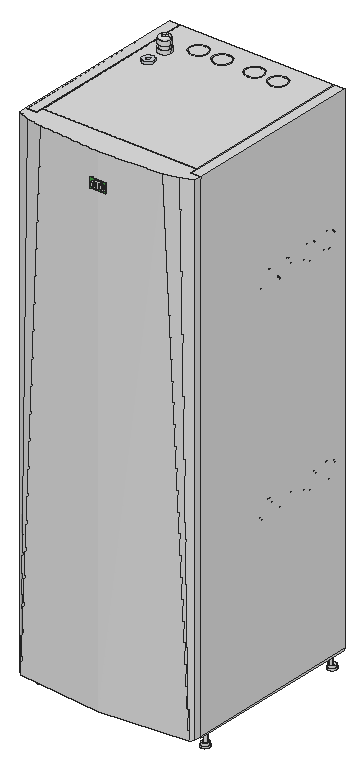
Revit family "HVAC_HeatPumpBW_Enertech_CTC-EcoPart-400_Basic", category Specialty Equipment, Revit 2020
Family settings
  Round Connector Dimension = Use Diameter
  Part Type = Normal
  OmniClass Number = 23.75.00.00
  OmniClass Title = Climate Control (HVAC)
  Work Plane-Based = No
  Always vertical = Yes
  Cut with Voids When Loaded = No
  Shared = No
  Room Calculation Point = No
Parameters (values of type "CTC EcoPart 425 Basic - 230V1N")
  Weight = "334 kg"
  WaterVolumeWaterSuply = "n/a"
  WaterVolumeHeathingSystem = "n/a"
  WarrantyStartDate [instance] = "n/a"
  WarrantyGuarantorParts = "n/a"
  WarrantyGuarantorLabor = "n/a"
  WarrantyDurationUnit = "Year"
  WarrantyDurationParts = "n/a"
  WarrantyDurationLabor = "n/a"
  WarrantyDescription = "n/a"
  VersionDate = "14/05/2024"  # constant formula
  Version = "1"  # constant formula
  UsageCurrent = 0 A
  Uniclass2015Reference = "Pr_40_70_65"
  Uniclass2015Description = "Preparation catering equipment"
  Uniclass2 = "Pr_40_70_65"
  URL = "https://ctc-heating.com/products/ground-source-heating"
  UNSPSCCode = "40101806"
  Type Comments = ""
  Touchscreen = "no"
  TagNumber [instance] = "n/a"
  SustainabilityPerformance = "n/a"
  Status = "n/a"
  SpecifiedOutput = "24.44 kW"
  SoundPowerLWA = "50 dB"
  Sound pressureLPA 5m = "n/a"
  Sound pressureLPA 1m = "45 dB"
  Sound pressureLPA 10m = "n/a"
  Size = "673x596x1760 mm"
  Shape = "Rectangular"
  SerialNumber [instance] = "7310 xxxx xxxx"
  SEERWarm = "n/a"
  SEERModerate = "n/a"
  SEERCold = "n/a"
  SCOPWarm = "4.7"
  SCOPModerate = "4.8"
  SCOPCold = "4.8"
  Revision = "5"  # constant formula
  ReplacementCost = "n/a"
  RefrigerantType = "R407C"
  RefrigerantQuantity = "4.6 kg (2.7+1.9)"
  ReferenceAirFlowRate = "n/a"
  Reference = "n/a"
  RatedVoltage = 230 V
  RatedHeatOutputModerate = "26 kW"
  RatedCurrent = 24 A
  PumpMainMaterial = Steel - White
  ProductInformation = "CTC EcoPart Pro/Basic is a series of large geothermal heat pumps without hotwater preparation. Using separate cooling modules, CTC EcoPart Pro/Basic is able to increase output in three stages. This provides gentler operation and better adaptation to the building's various output requirements. \nCTC EcoPart Pro/Basic is available in three sizes: 25, 30 and 35 kW which can be connected in series to produce up to 170 kW (1 x CTC EcoPart Pro + 4 x CTC EcoPart Basic). "
  PowerFactor = 0 W
  PhaseReference = "n/a"
  PhaseAngle = 0.00°
  OutputRangeIimmersionHeater = "n/a"
  OutputRange = "n/a"
  NumberOfPoles = 1
  NominalWidth = 596 mm
  NominalVoltage = 230 V
  NominalHeight = 1760 mm
  NominalHeatingOutput = "26/24"
  NominalFrequencyRange = 50 Hz
  NominalDepth = 673 mm
  NominalCurrent = 0 A
  Name = "CTC-EcoPart-400_Basic"  # constant formula
  NBSReference = "90-40-40/320"
  NBSDescription = "Air to water heat pumps"
  ModelReference = "n/a"
  ModelNumber = "587001011"
  MaxStartingCurrent = "60.0 A (30.0 + 30.0)"
  MaxOperatingPressureThermalStore = "3 bar"
  MaxOperatingPressureHotWater = "n/a"
  MaxAirFlowRate = "n/a"
  Material = "Steel/copper"
  ManufacturerURL = "https://ctc.se/"
  ManufacturerName = "CTC"
  Model = "CTC EcoPart 425 Basic"
  ManufacturerCountry = "Sweden"
  Manufacturer = "CTC"
  InsulationStandardClass = "n/a"
  InstallationDate [instance] = "n/a"
  InPutPower = "5.36 kW"
  IfcExportType = "HEATER"  # constant formula
  IfcExportAs = "IfcElectricalDeviceCommon"  # constant formula
  IP_Code = "IP X1"
  HotTapWaterPerformance = "n/a"
  HasProtectiveEarth = yes
  GroupFuse = "25 A"
  Grade = "n/a"
  Finish = "n/a"
  Features = "n/a"
  ExpectedLife = "n/a"
  EnergyEfficiencyClassForHeatingSystem = "A++/A++"
  EnergyEfficiencyClass = "A+++/A++"
  EnergyClass_HotWater_TapProfile = "n/a"
  EnergyClassHeatingWithoutControl = "A++"
  EnergyClassHeatingWithControl = "A+++"
  EANNumber = "7333077000653"
  DurationUnit = "Year"
  Description = "CTC EcoPart Pro/Basic is a series of large geothermal heat pumps without hotwater preparation. Using separate cooling modules, CTC EcoPart Pro/Basic is able to increase output in three stages. This provides gentler operation and better adaptation to the building's various output requirements. \nCTC EcoPart Pro/Basic is available in three sizes: 25, 30 and 35 kW which can be connected in series to produce up to 170 kW (1 x CTC EcoPart Pro + 4 x CTC EcoPart Basic). "
  Default Elevation = 0 mm
  Cost = 0
  CoolingModule_Bottom_Top = "414/410"
  Constituents = "n/a"
  ConductorFunction = "n/a"
  Color = "white"
  CodePerformance = "n/a"
  Capacity = "Fixed"
  COPTop = "4.60/3.68/2.98"
  COPBottom = "4.54/3.64/2.95"
  COP = "4.56"
  CO2Equivalent = "8.160 tonnes"
  BrineSystem_Min_MaxPressure = "0.2 - 3.0 bar"
  Barcode [instance] = "n/a"
  AssetIdentifier [instance] = "n/a"
  Category = "Heat pumps, Geothermal"
  Brand = "CTC"
  BIMObjectName = "HVAC_HeatPumpBW_Enertech_CTC-EcoPart-400_Basic"  # constant formula
  Author = "BIMStone"  # constant formula
  AssetType = "Fixed"
  AirFlow = "n/a"
  Accessories = ""
  AccessibilityPerformance = "n/a"
Reference planes
  plane 1 "Center (Front/Back)": y = 0
  plane 2: z = 0
  plane 3 "Center (Left/Right)": x = 0
  plane 4: x = -298
  plane 5: x = 298
  plane 6: y = 336.5
  plane 7: y = -336.5
  plane 8: z = 1760
Forms (mm)
  Extrusion 1, solid, material "Steel - White" <- "PumpMainMaterial", detail levels medium+fine
    sketch origin (0, 0, 0) x (1, 0, 0) y (0, 1, 0)
      loop
        line (-263, -247.014) -> (263, -247.014) -> (263, 336.5) -> (-263, 336.5) -> (-263, -247.014)
      loop
        line (261, 334.5) -> (-261, 334.5) -> (-261, -245.014) -> (261, -245.014) -> (261, 334.5)
    from 1757 to 52.5
  Extrusion 2, solid, material "Steel - White" <- "PumpMainMaterial", detail levels medium+fine
    sketch origin (0, 0, 0) x (1, 0, 0) y (0, 1, 0)
      loop
        line (-263, 336.5) -> (-263, -247.014) -> (263, -247.014) -> (263, 336.5) -> (-263, 336.5)
    from 1760 to 1757
  Extrusion 3, solid, material "Steel - White" <- "PumpMainMaterial", detail levels medium+fine
    sketch origin (0, 0, 0) x (1, 0, 0) y (0, 1, 0)
      loop
        line (-298, -273.014) -> (-263, -273.014) -> (-263, 336.5) -> (-298, 336.5) -> (-298, -273.014)
      loop
        line (-265, 334.5) -> (-296, 334.5) -> (-296, -271.014) -> (-265, -271.014) -> (-265, 334.5)
      loop
        line (298, -273.014) -> (298, 336.5) -> (263, 336.5) -> (263, -273.014) -> (298, -273.014)
      loop
        line (265, 334.5) -> (265, -271.014) -> (296, -271.014) -> (296, 334.5) -> (265, 334.5)
    from 52.5 to 1757
  Extrusion 4, solid, material "Steel - White" <- "PumpMainMaterial", detail levels medium+fine
    sketch origin (0, 0, 0) x (1, 0, 0) y (0, 1, 0)
      loop
        line (-298, -273.014) -> (-263, -273.014) -> (-263, 336.5) -> (-298, 336.5) -> (-298, -273.014)
      loop
        line (298, -273.014) -> (298, 336.5) -> (263, 336.5) -> (263, -273.014) -> (298, -273.014)
    from 1757 to 1760
  Extrusion 5, solid, material "Steel - White" <- "PumpMainMaterial", detail levels medium+fine
    sketch origin (0, 0, 0) x (1, 0, 0) y (0, 0, 1)
      loop
        line (-298, 52.518) -> (-298, 47.518) -> (-263, 47.518) -> (-263, 28) -> (263, 28) -> (263, 47.518) -> (298, 47.518) -> (298, 52.518) -> (-298, 52.518)
    from -336 to 272.514
  Extrusion 6, void
    sketch origin (0, 0, 0) x (1, 0, 0) y (0, 1, 0)
      loop
        arc (-135.992, 288.017) -> (-156.547, 279.105) -> (-165.459, 258.55) r 30.484
        line (-165.459, 258.55) -> (-163.458, 258.55)
        arc (-163.458, 258.55) -> (-155.133, 277.691) -> (-135.992, 286.016) r 28.484
        line (-135.992, 286.016) -> (-135.992, 288.017)
      loop
        line (-133.992, 288.017) -> (-133.992, 286.016)
        arc (-133.992, 286.016) -> (-114.851, 277.691) -> (-106.526, 258.55) r 28.484
        line (-106.526, 258.55) -> (-104.525, 258.55)
        arc (-104.525, 258.55) -> (-113.437, 279.105) -> (-133.992, 288.017) r 30.484
      loop
        arc (-165.459, 256.55) -> (-156.547, 235.995) -> (-135.992, 227.083) r 30.484
        line (-135.992, 227.083) -> (-135.992, 229.084)
        arc (-135.992, 229.084) -> (-155.133, 237.409) -> (-163.458, 256.55) r 28.484
        line (-163.458, 256.55) -> (-165.459, 256.55)
      loop
        line (-133.992, 229.084) -> (-133.992, 227.083)
        arc (-133.992, 227.083) -> (-113.437, 235.995) -> (-104.525, 256.55) r 30.484
        line (-104.525, 256.55) -> (-106.526, 256.55)
        arc (-106.526, 256.55) -> (-114.851, 237.409) -> (-133.992, 229.084) r 28.484
      loop
        arc (-55.992, 288.017) -> (-76.547, 279.105) -> (-85.459, 258.55) r 30.484
        line (-85.459, 258.55) -> (-83.458, 258.55)
        arc (-83.458, 258.55) -> (-75.133, 277.691) -> (-55.992, 286.016) r 28.484
        line (-55.992, 286.016) -> (-55.992, 288.017)
      loop
        line (-53.992, 288.017) -> (-53.992, 286.016)
        arc (-53.992, 286.016) -> (-34.851, 277.691) -> (-26.526, 258.55) r 28.484
        line (-26.526, 258.55) -> (-24.525, 258.55)
        arc (-24.525, 258.55) -> (-33.437, 279.105) -> (-53.992, 288.017) r 30.484
      loop
        arc (-85.459, 256.55) -> (-76.547, 235.995) -> (-55.992, 227.083) r 30.484
        line (-55.992, 227.083) -> (-55.992, 229.084)
        arc (-55.992, 229.084) -> (-75.133, 237.409) -> (-83.458, 256.55) r 28.484
        line (-83.458, 256.55) -> (-85.459, 256.55)
      loop
        line (-53.992, 229.084) -> (-53.992, 227.083)
        arc (-53.992, 227.083) -> (-33.437, 235.995) -> (-24.525, 256.55) r 30.484
        line (-24.525, 256.55) -> (-26.526, 256.55)
        arc (-26.526, 256.55) -> (-34.851, 237.409) -> (-53.992, 229.084) r 28.484
      loop
        line (135.992, 288.017) -> (135.992, 286.016)
        arc (135.992, 286.016) -> (155.133, 277.691) -> (163.458, 258.55) r 28.484
        line (163.458, 258.55) -> (165.459, 258.55)
        arc (165.459, 258.55) -> (156.547, 279.105) -> (135.992, 288.017) r 30.484
      loop
        arc (133.992, 288.017) -> (113.437, 279.105) -> (104.525, 258.55) r 30.484
        line (104.525, 258.55) -> (106.526, 258.55)
        arc (106.526, 258.55) -> (114.851, 277.691) -> (133.992, 286.016) r 28.484
        line (133.992, 286.016) -> (133.992, 288.017)
      loop
        line (165.459, 256.55) -> (163.458, 256.55)
        arc (163.458, 256.55) -> (155.133, 237.409) -> (135.992, 229.084) r 28.484
        line (135.992, 229.084) -> (135.992, 227.083)
        arc (135.992, 227.083) -> (156.547, 235.995) -> (165.459, 256.55) r 30.484
      loop
        arc (133.992, 229.084) -> (114.851, 237.409) -> (106.526, 256.55) r 28.484
        line (106.526, 256.55) -> (104.525, 256.55)
        arc (104.525, 256.55) -> (113.437, 235.995) -> (133.992, 227.083) r 30.484
        line (133.992, 227.083) -> (133.992, 229.084)
      loop
        line (55.992, 288.017) -> (55.992, 286.016)
        arc (55.992, 286.016) -> (75.133, 277.691) -> (83.458, 258.55) r 28.484
        line (83.458, 258.55) -> (85.459, 258.55)
        arc (85.459, 258.55) -> (76.547, 279.105) -> (55.992, 288.017) r 30.484
      loop
        arc (53.992, 288.017) -> (33.437, 279.105) -> (24.525, 258.55) r 30.484
        line (24.525, 258.55) -> (26.526, 258.55)
        arc (26.526, 258.55) -> (34.851, 277.691) -> (53.992, 286.016) r 28.484
        line (53.992, 286.016) -> (53.992, 288.017)
      loop
        line (85.459, 256.55) -> (83.458, 256.55)
        arc (83.458, 256.55) -> (75.133, 237.409) -> (55.992, 229.084) r 28.484
        line (55.992, 229.084) -> (55.992, 227.083)
        arc (55.992, 227.083) -> (76.547, 235.995) -> (85.459, 256.55) r 30.484
      loop
        arc (53.992, 229.084) -> (34.851, 237.409) -> (26.526, 256.55) r 28.484
        line (26.526, 256.55) -> (24.525, 256.55)
        arc (24.525, 256.55) -> (33.437, 235.995) -> (53.992, 227.083) r 30.484
        line (53.992, 227.083) -> (53.992, 229.084)
    from 1692.47 to 1786.05
  Extrusion 7, void
    sketch origin (0, 0, 0) x (0, 1, 0) y (0, 0, 1)
      loop
        line (266.984, 1360.467) -> (266.984, 1358.466)
        arc (266.984, 1358.466) -> (286.125, 1350.141) -> (294.45, 1331) r 28.484
        line (294.45, 1331) -> (296.451, 1331)
        arc (296.451, 1331) -> (287.539, 1351.555) -> (266.984, 1360.467) r 30.484
      loop
        arc (264.984, 1360.467) -> (244.428, 1351.555) -> (235.516, 1331) r 30.484
        line (235.516, 1331) -> (237.518, 1331)
        arc (237.518, 1331) -> (245.843, 1350.141) -> (264.984, 1358.466) r 28.484
        line (264.984, 1358.466) -> (264.984, 1360.467)
      loop
        line (296.451, 1329) -> (294.45, 1329)
        arc (294.45, 1329) -> (286.125, 1309.859) -> (266.984, 1301.534) r 28.484
        line (266.984, 1301.534) -> (266.984, 1299.533)
        arc (266.984, 1299.533) -> (287.539, 1308.445) -> (296.451, 1329) r 30.484
      loop
        arc (264.984, 1301.534) -> (245.843, 1309.859) -> (237.518, 1329) r 28.484
        line (237.518, 1329) -> (235.516, 1329)
        arc (235.516, 1329) -> (244.428, 1308.445) -> (264.984, 1299.533) r 30.484
        line (264.984, 1299.533) -> (264.984, 1301.534)
      loop
        line (186.984, 1360.467) -> (186.984, 1358.466)
        arc (186.984, 1358.466) -> (206.125, 1350.141) -> (214.45, 1331) r 28.484
        line (214.45, 1331) -> (216.451, 1331)
        arc (216.451, 1331) -> (207.539, 1351.555) -> (186.984, 1360.467) r 30.484
      loop
        arc (184.984, 1360.467) -> (164.428, 1351.555) -> (155.516, 1331) r 30.484
        line (155.516, 1331) -> (157.518, 1331)
        arc (157.518, 1331) -> (165.843, 1350.141) -> (184.984, 1358.466) r 28.484
        line (184.984, 1358.466) -> (184.984, 1360.467)
      loop
        line (216.451, 1329) -> (214.45, 1329)
        arc (214.45, 1329) -> (206.125, 1309.859) -> (186.984, 1301.534) r 28.484
        line (186.984, 1301.534) -> (186.984, 1299.533)
        arc (186.984, 1299.533) -> (207.539, 1308.445) -> (216.451, 1329) r 30.484
      loop
        arc (184.984, 1301.534) -> (165.843, 1309.859) -> (157.518, 1329) r 28.484
        line (157.518, 1329) -> (155.516, 1329)
        arc (155.516, 1329) -> (164.428, 1308.445) -> (184.984, 1299.533) r 30.484
        line (184.984, 1299.533) -> (184.984, 1301.534)
      loop
        arc (-5, 1360.467) -> (-25.555, 1351.555) -> (-34.467, 1331) r 30.484
        line (-34.467, 1331) -> (-32.466, 1331)
        arc (-32.466, 1331) -> (-24.141, 1350.141) -> (-5, 1358.466) r 28.484
        line (-5, 1358.466) -> (-5, 1360.467)
      loop
        line (-3, 1360.467) -> (-3, 1358.466)
        arc (-3, 1358.466) -> (16.141, 1350.141) -> (24.466, 1331) r 28.484
        line (24.466, 1331) -> (26.467, 1331)
        arc (26.467, 1331) -> (17.555, 1351.555) -> (-3, 1360.467) r 30.484
      loop
        arc (-34.467, 1329) -> (-25.555, 1308.445) -> (-5, 1299.533) r 30.484
        line (-5, 1299.533) -> (-5, 1301.534)
        arc (-5, 1301.534) -> (-24.141, 1309.859) -> (-32.466, 1329) r 28.484
        line (-32.466, 1329) -> (-34.467, 1329)
      loop
        line (-3, 1301.534) -> (-3, 1299.533)
        arc (-3, 1299.533) -> (17.555, 1308.445) -> (26.467, 1329) r 30.484
        line (26.467, 1329) -> (24.466, 1329)
        arc (24.466, 1329) -> (16.141, 1309.859) -> (-3, 1301.534) r 28.484
      loop
        arc (75, 1360.467) -> (54.445, 1351.555) -> (45.533, 1331) r 30.484
        line (45.533, 1331) -> (47.534, 1331)
        arc (47.534, 1331) -> (55.859, 1350.141) -> (75, 1358.466) r 28.484
        line (75, 1358.466) -> (75, 1360.467)
      loop
        line (77, 1360.467) -> (77, 1358.466)
        arc (77, 1358.466) -> (96.141, 1350.141) -> (104.466, 1331) r 28.484
        line (104.466, 1331) -> (106.467, 1331)
        arc (106.467, 1331) -> (97.555, 1351.555) -> (77, 1360.467) r 30.484
      loop
        arc (45.533, 1329) -> (54.445, 1308.445) -> (75, 1299.533) r 30.484
        line (75, 1299.533) -> (75, 1301.534)
        arc (75, 1301.534) -> (55.859, 1309.859) -> (47.534, 1329) r 28.484
        line (47.534, 1329) -> (45.533, 1329)
      loop
        line (77, 1301.534) -> (77, 1299.533)
        arc (77, 1299.533) -> (97.555, 1308.445) -> (106.467, 1329) r 30.484
        line (106.467, 1329) -> (104.466, 1329)
        arc (104.466, 1329) -> (96.141, 1309.859) -> (77, 1301.534) r 28.484
      loop
        line (266.984, 660.467) -> (266.984, 658.466)
        arc (266.984, 658.466) -> (286.125, 650.141) -> (294.45, 631) r 28.484
        line (294.45, 631) -> (296.451, 631)
        arc (296.451, 631) -> (287.539, 651.555) -> (266.984, 660.467) r 30.484
      loop
        arc (264.984, 660.467) -> (244.428, 651.555) -> (235.516, 631) r 30.484
        line (235.516, 631) -> (237.518, 631)
        arc (237.518, 631) -> (245.843, 650.141) -> (264.984, 658.466) r 28.484
        line (264.984, 658.466) -> (264.984, 660.467)
      loop
        line (296.451, 629) -> (294.45, 629)
        arc (294.45, 629) -> (286.125, 609.859) -> (266.984, 601.534) r 28.484
        line (266.984, 601.534) -> (266.984, 599.533)
        arc (266.984, 599.533) -> (287.539, 608.445) -> (296.451, 629) r 30.484
      loop
        arc (264.984, 601.534) -> (245.843, 609.859) -> (237.518, 629) r 28.484
        line (237.518, 629) -> (235.516, 629)
        arc (235.516, 629) -> (244.428, 608.445) -> (264.984, 599.533) r 30.484
        line (264.984, 599.533) -> (264.984, 601.534)
      loop
        line (186.984, 660.467) -> (186.984, 658.466)
        arc (186.984, 658.466) -> (206.125, 650.141) -> (214.45, 631) r 28.484
        line (214.45, 631) -> (216.451, 631)
        arc (216.451, 631) -> (207.539, 651.555) -> (186.984, 660.467) r 30.484
      loop
        arc (184.984, 660.467) -> (164.428, 651.555) -> (155.516, 631) r 30.484
        line (155.516, 631) -> (157.518, 631)
        arc (157.518, 631) -> (165.843, 650.141) -> (184.984, 658.466) r 28.484
        line (184.984, 658.466) -> (184.984, 660.467)
      loop
        line (216.451, 629) -> (214.45, 629)
        arc (214.45, 629) -> (206.125, 609.859) -> (186.984, 601.534) r 28.484
        line (186.984, 601.534) -> (186.984, 599.533)
        arc (186.984, 599.533) -> (207.539, 608.445) -> (216.451, 629) r 30.484
      loop
        arc (184.984, 601.534) -> (165.843, 609.859) -> (157.518, 629) r 28.484
        line (157.518, 629) -> (155.516, 629)
        arc (155.516, 629) -> (164.428, 608.445) -> (184.984, 599.533) r 30.484
        line (184.984, 599.533) -> (184.984, 601.534)
      loop
        arc (-5, 660.467) -> (-25.555, 651.555) -> (-34.467, 631) r 30.484
        line (-34.467, 631) -> (-32.466, 631)
        arc (-32.466, 631) -> (-24.141, 650.141) -> (-5, 658.466) r 28.484
        line (-5, 658.466) -> (-5, 660.467)
      loop
        line (-3, 660.467) -> (-3, 658.466)
        arc (-3, 658.466) -> (16.141, 650.141) -> (24.466, 631) r 28.484
        line (24.466, 631) -> (26.467, 631)
        arc (26.467, 631) -> (17.555, 651.555) -> (-3, 660.467) r 30.484
      loop
        arc (-34.467, 629) -> (-25.555, 608.445) -> (-5, 599.533) r 30.484
        line (-5, 599.533) -> (-5, 601.534)
        arc (-5, 601.534) -> (-24.141, 609.859) -> (-32.466, 629) r 28.484
        line (-32.466, 629) -> (-34.467, 629)
      loop
        line (-3, 601.534) -> (-3, 599.533)
        arc (-3, 599.533) -> (17.555, 608.445) -> (26.467, 629) r 30.484
        line (26.467, 629) -> (24.466, 629)
        arc (24.466, 629) -> (16.141, 609.859) -> (-3, 601.534) r 28.484
      loop
        arc (75, 660.467) -> (54.445, 651.555) -> (45.533, 631) r 30.484
        line (45.533, 631) -> (47.534, 631)
        arc (47.534, 631) -> (55.859, 650.141) -> (75, 658.466) r 28.484
        line (75, 658.466) -> (75, 660.467)
      loop
        line (77, 660.467) -> (77, 658.466)
        arc (77, 658.466) -> (96.141, 650.141) -> (104.466, 631) r 28.484
        line (104.466, 631) -> (106.467, 631)
        arc (106.467, 631) -> (97.555, 651.555) -> (77, 660.467) r 30.484
      loop
        arc (45.533, 629) -> (54.445, 608.445) -> (75, 599.533) r 30.484
        line (75, 599.533) -> (75, 601.534)
        arc (75, 601.534) -> (55.859, 609.859) -> (47.534, 629) r 28.484
        line (47.534, 629) -> (45.533, 629)
      loop
        line (77, 601.534) -> (77, 599.533)
        arc (77, 599.533) -> (97.555, 608.445) -> (106.467, 629) r 30.484
        line (106.467, 629) -> (104.466, 629)
        arc (104.466, 629) -> (96.141, 609.859) -> (77, 601.534) r 28.484
    from 298 to -298
  Extrusion 8, void
    sketch origin (0, 0, 0) x (1, 0, 0) y (0, 0, 1)
      loop
        line (135.984, 1360.467) -> (135.984, 1358.466)
        arc (135.984, 1358.466) -> (155.125, 1350.141) -> (163.45, 1331) r 28.484
        line (163.45, 1331) -> (165.451, 1331)
        arc (165.451, 1331) -> (156.539, 1351.555) -> (135.984, 1360.467) r 30.484
      loop
        arc (133.984, 1360.467) -> (113.428, 1351.555) -> (104.516, 1331) r 30.484
        line (104.516, 1331) -> (106.518, 1331)
        arc (106.518, 1331) -> (114.843, 1350.141) -> (133.984, 1358.466) r 28.484
        line (133.984, 1358.466) -> (133.984, 1360.467)
      loop
        line (165.451, 1329) -> (163.45, 1329)
        arc (163.45, 1329) -> (155.125, 1309.859) -> (135.984, 1301.534) r 28.484
        line (135.984, 1301.534) -> (135.984, 1299.533)
        arc (135.984, 1299.533) -> (156.539, 1308.445) -> (165.451, 1329) r 30.484
      loop
        arc (133.984, 1301.534) -> (114.843, 1309.859) -> (106.518, 1329) r 28.484
        line (106.518, 1329) -> (104.516, 1329)
        arc (104.516, 1329) -> (113.428, 1308.445) -> (133.984, 1299.533) r 30.484
        line (133.984, 1299.533) -> (133.984, 1301.534)
      loop
        line (55.984, 1360.467) -> (55.984, 1358.466)
        arc (55.984, 1358.466) -> (75.125, 1350.141) -> (83.45, 1331) r 28.484
        line (83.45, 1331) -> (85.451, 1331)
        arc (85.451, 1331) -> (76.539, 1351.555) -> (55.984, 1360.467) r 30.484
      loop
        arc (53.984, 1360.467) -> (33.428, 1351.555) -> (24.516, 1331) r 30.484
        line (24.516, 1331) -> (26.518, 1331)
        arc (26.518, 1331) -> (34.843, 1350.141) -> (53.984, 1358.466) r 28.484
        line (53.984, 1358.466) -> (53.984, 1360.467)
      loop
        line (85.451, 1329) -> (83.45, 1329)
        arc (83.45, 1329) -> (75.125, 1309.859) -> (55.984, 1301.534) r 28.484
        line (55.984, 1301.534) -> (55.984, 1299.533)
        arc (55.984, 1299.533) -> (76.539, 1308.445) -> (85.451, 1329) r 30.484
      loop
        arc (53.984, 1301.534) -> (34.843, 1309.859) -> (26.518, 1329) r 28.484
        line (26.518, 1329) -> (24.516, 1329)
        arc (24.516, 1329) -> (33.428, 1308.445) -> (53.984, 1299.533) r 30.484
        line (53.984, 1299.533) -> (53.984, 1301.534)
      loop
        arc (-136, 1360.467) -> (-156.555, 1351.555) -> (-165.467, 1331) r 30.484
        line (-165.467, 1331) -> (-163.466, 1331)
        arc (-163.466, 1331) -> (-155.141, 1350.141) -> (-136, 1358.466) r 28.484
        line (-136, 1358.466) -> (-136, 1360.467)
      loop
        line (-134, 1360.467) -> (-134, 1358.466)
        arc (-134, 1358.466) -> (-114.859, 1350.141) -> (-106.534, 1331) r 28.484
        line (-106.534, 1331) -> (-104.533, 1331)
        arc (-104.533, 1331) -> (-113.445, 1351.555) -> (-134, 1360.467) r 30.484
      loop
        arc (-165.467, 1329) -> (-156.555, 1308.445) -> (-136, 1299.533) r 30.484
        line (-136, 1299.533) -> (-136, 1301.534)
        arc (-136, 1301.534) -> (-155.141, 1309.859) -> (-163.466, 1329) r 28.484
        line (-163.466, 1329) -> (-165.467, 1329)
      loop
        line (-134, 1301.534) -> (-134, 1299.533)
        arc (-134, 1299.533) -> (-113.445, 1308.445) -> (-104.533, 1329) r 30.484
        line (-104.533, 1329) -> (-106.534, 1329)
        arc (-106.534, 1329) -> (-114.859, 1309.859) -> (-134, 1301.534) r 28.484
      loop
        arc (-56, 1360.467) -> (-76.555, 1351.555) -> (-85.467, 1331) r 30.484
        line (-85.467, 1331) -> (-83.466, 1331)
        arc (-83.466, 1331) -> (-75.141, 1350.141) -> (-56, 1358.466) r 28.484
        line (-56, 1358.466) -> (-56, 1360.467)
      loop
        line (-54, 1360.467) -> (-54, 1358.466)
        arc (-54, 1358.466) -> (-34.859, 1350.141) -> (-26.534, 1331) r 28.484
        line (-26.534, 1331) -> (-24.533, 1331)
        arc (-24.533, 1331) -> (-33.445, 1351.555) -> (-54, 1360.467) r 30.484
      loop
        arc (-85.467, 1329) -> (-76.555, 1308.445) -> (-56, 1299.533) r 30.484
        line (-56, 1299.533) -> (-56, 1301.534)
        arc (-56, 1301.534) -> (-75.141, 1309.859) -> (-83.466, 1329) r 28.484
        line (-83.466, 1329) -> (-85.467, 1329)
      loop
        line (-54, 1301.534) -> (-54, 1299.533)
        arc (-54, 1299.533) -> (-33.445, 1308.445) -> (-24.533, 1329) r 30.484
        line (-24.533, 1329) -> (-26.534, 1329)
        arc (-26.534, 1329) -> (-34.859, 1309.859) -> (-54, 1301.534) r 28.484
      loop
        line (135.984, 660.467) -> (135.984, 658.466)
        arc (135.984, 658.466) -> (155.125, 650.141) -> (163.45, 631) r 28.484
        line (163.45, 631) -> (165.451, 631)
        arc (165.451, 631) -> (156.539, 651.555) -> (135.984, 660.467) r 30.484
      loop
        arc (133.984, 660.467) -> (113.428, 651.555) -> (104.516, 631) r 30.484
        line (104.516, 631) -> (106.518, 631)
        arc (106.518, 631) -> (114.843, 650.141) -> (133.984, 658.466) r 28.484
        line (133.984, 658.466) -> (133.984, 660.467)
      loop
        line (165.451, 629) -> (163.45, 629)
        arc (163.45, 629) -> (155.125, 609.859) -> (135.984, 601.534) r 28.484
        line (135.984, 601.534) -> (135.984, 599.533)
        arc (135.984, 599.533) -> (156.539, 608.445) -> (165.451, 629) r 30.484
      loop
        arc (133.984, 601.534) -> (114.843, 609.859) -> (106.518, 629) r 28.484
        line (106.518, 629) -> (104.516, 629)
        arc (104.516, 629) -> (113.428, 608.445) -> (133.984, 599.533) r 30.484
        line (133.984, 599.533) -> (133.984, 601.534)
      loop
        line (55.984, 660.467) -> (55.984, 658.466)
        arc (55.984, 658.466) -> (75.125, 650.141) -> (83.45, 631) r 28.484
        line (83.45, 631) -> (85.451, 631)
        arc (85.451, 631) -> (76.539, 651.555) -> (55.984, 660.467) r 30.484
      loop
        arc (53.984, 660.467) -> (33.428, 651.555) -> (24.516, 631) r 30.484
        line (24.516, 631) -> (26.518, 631)
        arc (26.518, 631) -> (34.843, 650.141) -> (53.984, 658.466) r 28.484
        line (53.984, 658.466) -> (53.984, 660.467)
      loop
        line (85.451, 629) -> (83.45, 629)
        arc (83.45, 629) -> (75.125, 609.859) -> (55.984, 601.534) r 28.484
        line (55.984, 601.534) -> (55.984, 599.533)
        arc (55.984, 599.533) -> (76.539, 608.445) -> (85.451, 629) r 30.484
      loop
        arc (53.984, 601.534) -> (34.843, 609.859) -> (26.518, 629) r 28.484
        line (26.518, 629) -> (24.516, 629)
        arc (24.516, 629) -> (33.428, 608.445) -> (53.984, 599.533) r 30.484
        line (53.984, 599.533) -> (53.984, 601.534)
      loop
        arc (-136, 660.467) -> (-156.555, 651.555) -> (-165.467, 631) r 30.484
        line (-165.467, 631) -> (-163.466, 631)
        arc (-163.466, 631) -> (-155.141, 650.141) -> (-136, 658.466) r 28.484
        line (-136, 658.466) -> (-136, 660.467)
      loop
        line (-134, 660.467) -> (-134, 658.466)
        arc (-134, 658.466) -> (-114.859, 650.141) -> (-106.534, 631) r 28.484
        line (-106.534, 631) -> (-104.533, 631)
        arc (-104.533, 631) -> (-113.445, 651.555) -> (-134, 660.467) r 30.484
      loop
        arc (-165.467, 629) -> (-156.555, 608.445) -> (-136, 599.533) r 30.484
        line (-136, 599.533) -> (-136, 601.534)
        arc (-136, 601.534) -> (-155.141, 609.859) -> (-163.466, 629) r 28.484
        line (-163.466, 629) -> (-165.467, 629)
      loop
        line (-134, 601.534) -> (-134, 599.533)
        arc (-134, 599.533) -> (-113.445, 608.445) -> (-104.533, 629) r 30.484
        line (-104.533, 629) -> (-106.534, 629)
        arc (-106.534, 629) -> (-114.859, 609.859) -> (-134, 601.534) r 28.484
      loop
        arc (-56, 660.467) -> (-76.555, 651.555) -> (-85.467, 631) r 30.484
        line (-85.467, 631) -> (-83.466, 631)
        arc (-83.466, 631) -> (-75.141, 650.141) -> (-56, 658.466) r 28.484
        line (-56, 658.466) -> (-56, 660.467)
      loop
        line (-54, 660.467) -> (-54, 658.466)
        arc (-54, 658.466) -> (-34.859, 650.141) -> (-26.534, 631) r 28.484
        line (-26.534, 631) -> (-24.533, 631)
        arc (-24.533, 631) -> (-33.445, 651.555) -> (-54, 660.467) r 30.484
      loop
        arc (-85.467, 629) -> (-76.555, 608.445) -> (-56, 599.533) r 30.484
        line (-56, 599.533) -> (-56, 601.534)
        arc (-56, 601.534) -> (-75.141, 609.859) -> (-83.466, 629) r 28.484
        line (-83.466, 629) -> (-85.467, 629)
      loop
        line (-54, 601.534) -> (-54, 599.533)
        arc (-54, 599.533) -> (-33.445, 608.445) -> (-24.533, 629) r 30.484
        line (-24.533, 629) -> (-26.534, 629)
        arc (-26.534, 629) -> (-34.859, 609.859) -> (-54, 601.534) r 28.484
    from -303.059 to -367.702
  Extrusion 9, solid, detail levels medium+fine
    sketch origin (0, 0, 0) x (1, 0, 0) y (0, 0, 1)
      loop
        circle (224.507, 1674.571) r 14
      loop
        circle (224.507, 1674.571) r 12.4
      loop
        circle (224.507, 1624.571) r 14
      loop
        circle (224.507, 1624.571) r 12.4
      loop
        circle (224.507, 1574.571) r 14
      loop
        circle (224.507, 1574.571) r 12.4
      loop
        circle (-224.507, 1674.571) r 14
      loop
        circle (-224.507, 1674.571) r 12.4
      loop
        circle (-224.507, 1624.571) r 14
      loop
        circle (-224.507, 1624.571) r 12.4
      loop
        circle (-224.507, 1574.571) r 14
      loop
        circle (-224.507, 1574.571) r 12.4
    from -341 to -340
  Extrusion 10, solid, material "Steel - White" <- "PumpMainMaterial", detail levels medium+fine
    sketch origin (0, 0, 0) x (0, 1, 0) y (0, 0, 1)
      loop
        line (-117.429, 26) -> (-99.086, 26)
        arc (-99.086, 26) -> (-98.32, 25.848) -> (-97.671, 25.414) r 2
        line (-97.671, 25.414) -> (-89.085, 16.828)
        arc (-89.085, 16.828) -> (-86.256, 15.656) -> (-83.428, 16.828) r 4
        line (-83.428, 16.828) -> (-75.261, 24.995) -> (-76.675, 26.409) -> (-84.842, 18.242)
        arc (-84.842, 18.242) -> (-86.256, 17.656) -> (-87.671, 18.242) r 2
        line (-87.671, 18.242) -> (-96.257, 26.828)
        arc (-96.257, 26.828) -> (-97.555, 27.696) -> (-99.086, 28) r 4
        line (-99.086, 28) -> (-117.429, 28)
        arc (-117.429, 28) -> (-118.96, 27.696) -> (-120.257, 26.828) r 4
        line (-120.257, 26.828) -> (-128.844, 18.242)
        arc (-128.844, 18.242) -> (-130.258, 17.656) -> (-131.672, 18.242) r 2
        line (-131.672, 18.242) -> (-139.839, 26.409) -> (-141.253, 24.995) -> (-133.086, 16.828)
        arc (-133.086, 16.828) -> (-130.258, 15.656) -> (-127.429, 16.828) r 4
        line (-127.429, 16.828) -> (-118.843, 25.414)
        arc (-118.843, 25.414) -> (-118.194, 25.848) -> (-117.429, 26) r 2
      loop
        arc (180.914, 26) -> (181.68, 25.848) -> (182.329, 25.414) r 2
        line (182.329, 25.414) -> (190.915, 16.828)
        arc (190.915, 16.828) -> (193.744, 15.656) -> (196.572, 16.828) r 4
        line (196.572, 16.828) -> (204.739, 24.995) -> (203.325, 26.409) -> (195.158, 18.242)
        arc (195.158, 18.242) -> (193.744, 17.656) -> (192.329, 18.242) r 2
        line (192.329, 18.242) -> (183.743, 26.828)
        arc (183.743, 26.828) -> (182.445, 27.696) -> (180.914, 28) r 4
        line (180.914, 28) -> (162.571, 28)
        arc (162.571, 28) -> (161.04, 27.696) -> (159.743, 26.828) r 4
        line (159.743, 26.828) -> (151.156, 18.242)
        arc (151.156, 18.242) -> (149.742, 17.656) -> (148.328, 18.242) r 2
        line (148.328, 18.242) -> (140.161, 26.409) -> (138.747, 24.995) -> (146.914, 16.828)
        arc (146.914, 16.828) -> (149.742, 15.656) -> (152.571, 16.828) r 4
        line (152.571, 16.828) -> (161.157, 25.414)
        arc (161.157, 25.414) -> (161.806, 25.848) -> (162.571, 26) r 2
        line (162.571, 26) -> (180.914, 26)
    from 255.5 to -255.5
  Revolve 11, solid, material "Steel - White" <- "PumpMainMaterial", detail levels medium+fine
    sketch origin (0, 307.895, 0) x (1, 0, 0) y (0, 0, 1)
      loop
        line (-279.5, 12) -> (-279.5, 0) -> (-265.125, 0) -> (-265.125, 4) -> (-267.125, 4) -> (-267.125, 12) -> (-279.5, 12)
      axis (-279.5, 12) -> (-279.5, 0)
    angle from 0 to 360
  Revolve 12, solid, material "Steel - White" <- "PumpMainMaterial", detail levels medium+fine
    sketch origin (0, 307.895, 0) x (-1, 0, 0) y (0, 0, 1)
      loop
        line (-279.5, 12) -> (-279.5, 0) -> (-265.125, 0) -> (-265.125, 4) -> (-267.125, 4) -> (-267.125, 12) -> (-279.5, 12)
      axis (-279.5, 12) -> (-279.5, 0)
    angle from 0 to 360
  Revolve 13, solid, material "Steel - White" <- "PumpMainMaterial", detail levels medium+fine
    sketch origin (0, -232.139, 0) x (1, 0, 0) y (0, 0, 1)
      loop
        line (-279.5, 12) -> (-279.5, 0) -> (-265.125, 0) -> (-265.125, 4) -> (-267.125, 4) -> (-267.125, 12) -> (-279.5, 12)
      axis (-279.5, 12) -> (-279.5, 0)
    angle from 0 to 360
  Revolve 14, solid, material "Steel - White" <- "PumpMainMaterial", detail levels medium+fine
    sketch origin (0, -232.139, 0) x (-1, 0, 0) y (0, 0, 1)
      loop
        line (-279.5, 12) -> (-279.5, 0) -> (-265.125, 0) -> (-265.125, 4) -> (-267.125, 4) -> (-267.125, 12) -> (-279.5, 12)
      axis (-279.5, 12) -> (-279.5, 0)
    angle from 0 to 360
  Extrusion 15, solid, material "Steel - White" <- "PumpMainMaterial", detail levels medium+fine
    sketch origin (0, 0, 0) x (1, 0, 0) y (0, 1, 0)
      loop
        circle (-279.5, 304.395) r 5
      loop
        circle (-279.5, -228.639) r 5
      loop
        circle (279.5, 304.395) r 5
      loop
        circle (279.5, -228.639) r 5
    from 47.518 to 12
  Blend 16, solid, material "Steel - White" <- "PumpMainMaterial", detail levels medium+fine
    base sketch origin (0, 0, 0) x (1, 0, 0) y (0, 1, 0)
      loop
        line (263, -247.014) -> (-263, -247.014) -> (-263, -273.014) -> (-298, -273.014) -> (-298, -297.936) -> (-285.5, -312.015)
        arc (-285.5, -312.015) -> (0, -336.603) -> (285.5, -312.015) r 1669.83
        line (285.5, -312.015) -> (298, -297.936) -> (298, -273.014) -> (263, -273.014) -> (263, -247.014)
    top sketch origin (0, 0, 0) x (1, 0, 0) y (0, 1, 0)
      loop
        line (263, -247.014) -> (-263, -247.014) -> (-263, -273.014) -> (-298, -273.014) -> (-298, -297.936) -> (-258, -313.834) -> (-208, -323.074)
        arc (-208, -323.074) -> (0, -336.558) -> (208, -323.074) r 1610.992
        line (208, -323.074) -> (258, -313.834) -> (298, -297.936) -> (298, -273.014) -> (263, -273.014) -> (263, -247.014)
    from 52.5 to 1760
  Extrusion 17, solid, material "Green", detail levels medium+fine
    sketch origin (0, 0, -11.843) x (1, 0, 0) y (0, 0, 1)
      loop
        arc (-25.5, 1686.518) -> (-26.914, 1685.932) -> (-27.5, 1684.518) r 2
        line (-27.5, 1684.518) -> (-27.5, 1655.518)
        arc (-27.5, 1655.518) -> (-26.914, 1654.103) -> (-25.5, 1653.518) r 2
        line (-25.5, 1653.518) -> (25.5, 1653.518)
        arc (25.5, 1653.518) -> (26.914, 1654.103) -> (27.5, 1655.518) r 2
        line (27.5, 1655.518) -> (27.5, 1684.518)
        arc (27.5, 1684.518) -> (26.914, 1685.932) -> (25.5, 1686.518) r 2
        line (25.5, 1686.518) -> (-25.5, 1686.518)
    from 339.5 to 339
  Extrusion 18, solid, material "Steel - White" <- "PumpMainMaterial", detail levels medium+fine
    sketch origin (0, 0, -44.843) x (1, 0, 0) y (0, 0, 1)
      loop
        line (3.815, 1710.351) -> (11.698, 1710.357) -> (11.698, 1715.677) -> (-11.698, 1715.677) -> (-11.698, 1710.336) -> (-3.818, 1710.344) -> (-3.81, 1690.398) -> (3.815, 1690.398) -> (3.815, 1710.351)
      loop
        spline (24.54, 1702.497) -> (22.341, 1706.572) -> (18.495, 1709.152) -> (13.888, 1709.644) -> (9.584, 1707.934) -> (6.572, 1704.417) -> (5.548, 1699.902) -> (6.747, 1695.43) -> (9.893, 1692.032) -> (14.261, 1690.49) -> (18.844, 1691.161) -> (22.587, 1693.888) -> (24.627, 1698.045)
        line (24.627, 1698.045) -> (18.433, 1698.045)
        spline (18.433, 1698.045) -> (17.635, 1695.915) -> (16.341, 1694.569) -> (14.815, 1694.279) -> (13.364, 1695.105) -> (12.285, 1696.88) -> (11.795, 1699.242) -> (11.994, 1701.714) -> (12.842, 1703.793) -> (14.166, 1705.058) -> (15.698, 1705.253) -> (17.128, 1704.337) -> (18.165, 1702.497)
        line (18.165, 1702.497) -> (24.54, 1702.497)
      loop
        spline (-5.46, 1702.497) -> (-7.659, 1706.572) -> (-11.505, 1709.152) -> (-16.112, 1709.644) -> (-20.416, 1707.934) -> (-23.428, 1704.417) -> (-24.452, 1699.902) -> (-23.253, 1695.43) -> (-20.107, 1692.032) -> (-15.739, 1690.49) -> (-11.156, 1691.161) -> (-7.413, 1693.888) -> (-5.373, 1698.045)
        line (-5.373, 1698.045) -> (-11.567, 1698.045)
        spline (-11.567, 1698.045) -> (-12.365, 1695.915) -> (-13.659, 1694.569) -> (-15.185, 1694.279) -> (-16.636, 1695.105) -> (-17.715, 1696.88) -> (-18.205, 1699.242) -> (-18.006, 1701.714) -> (-17.158, 1703.793) -> (-15.834, 1705.058) -> (-14.302, 1705.253) -> (-12.872, 1704.337) -> (-11.835, 1702.497)
        line (-11.835, 1702.497) -> (-5.46, 1702.497)
    from 339.5 to 340
  Extrusion 19, solid, detail levels medium+fine
    sketch origin (0, 0, 0) x (1, 0, 0) y (0, 1, 0)
      loop
        circle (-205.108, 130.616) r 19.248
      loop
        circle (-205.108, 130.616) r 7.026
    from 1760 to 1766
  Revolve 20, solid, material "Steel - White" <- "PumpMainMaterial", detail levels medium+fine
    sketch origin (895.25, 200.616, -2.95) x (1, 0, 0) y (0, 0, 1)
      loop
        line (-1078.358, 1762.95) -> (-1078.358, 1773.95) -> (-1084.337, 1773.95) -> (-1084.337, 1788.15) -> (-1080.241, 1788.15) -> (-1080.241, 1801.909) -> (-1082.574, 1803.255)
        arc (-1082.574, 1803.255) -> (-1084.443, 1807.898) -> (-1089.009, 1809.95) r 6.7
        line (-1089.009, 1809.95) -> (-1100.358, 1809.95) -> (-1100.358, 1762.95) -> (-1078.358, 1762.95)
      axis (-1100.358, 1809.95) -> (-1100.358, 1762.95)
    angle from 0 to 360
  Extrusion 21, void
    sketch origin (0, 0, 0) x (1, 0, 0) y (0, 1, 0)
      loop
        circle (-205.108, 197.116) r 5.5
    from 1760 to 1807
  Extrusion 22, solid, material "Steel - White" <- "PumpMainMaterial", detail levels coarse
    sketch origin (0, 0, 0) x (1, 0, 0) y (0, 1, 0)
      loop
        line (-298, -336.5) -> (298, -336.5) -> (298, 336.5) -> (-298, 336.5) -> (-298, -336.5)
    from 0 to 1760
  Extrusion 23, solid, detail levels medium+fine
    sketch origin (0, 0, 0) x (1, 0, 0) y (0, 1, 0)
      loop
        circle (-134.992, 257.55) r 28.484
      loop
        circle (-54.992, 257.55) r 28.484
      loop
        circle (54.992, 257.55) r 28.484
      loop
        circle (134.992, 257.55) r 28.484
    from 1756 to 1757
  Extrusion 24, solid, detail levels medium+fine
    sketch origin (0, 0, 0) x (0, 1, 0) y (0, 0, 1)
      loop
        circle (262.484, 630) r 28.484
      loop
        circle (185.984, 630) r 28.484
      loop
        circle (76, 630) r 28.484
      loop
        circle (-4, 630) r 28.484
      loop
        circle (-4, 1330) r 28.484
      loop
        circle (76, 1330) r 28.484
      loop
        circle (185.984, 1330) r 28.484
      loop
        circle (262.484, 1330) r 28.484
    from -296 to -295
  Extrusion 25, solid, detail levels medium+fine
    sketch origin (0, 0, 0) x (0, 1, 0) y (0, 0, -1)
      loop
        circle (262.484, -630) r 28.484
      loop
        circle (185.984, -630) r 28.484
      loop
        circle (76, -630) r 28.484
      loop
        circle (-4, -630) r 28.484
      loop
        circle (-4, -1330) r 28.484
      loop
        circle (76, -1330) r 28.484
      loop
        circle (185.984, -1330) r 28.484
      loop
        circle (262.484, -1330) r 28.484
    from -296 to -295
  Extrusion 26, solid, material "Steel - White" <- "PumpMainMaterial", detail levels medium+fine
    sketch origin (0, 0, 0) x (1, 0, 0) y (0, 0, 1)
      loop
        circle (134.984, 1330) r 28.484
      loop
        circle (54.984, 1330) r 28.484
      loop
        circle (-55, 1330) r 28.484
      loop
        circle (-135, 1330) r 28.484
      loop
        circle (-135, 630) r 28.484
      loop
        circle (-55, 630) r 28.484
      loop
        circle (54.984, 630) r 28.484
      loop
        circle (134.984, 630) r 28.484
    from -338 to -337
Cuts and joins
  Extrusion 7 cuts Extrusion 3
  Extrusion 7 cuts Extrusion 4
  joined: Extrusion 3, Extrusion 4
  Extrusion 6, Extrusion 7, Extrusion 8, Extrusion 21 cuts Extrusion 1
  Extrusion 6, Extrusion 7, Extrusion 8, Extrusion 21 cuts Extrusion 2
  joined: Extrusion 1, Extrusion 2
  Extrusion 21 cuts Extrusion 5
  Extrusion 21 cuts Extrusion 10
  Extrusion 21 cuts Revolve 20
Lines and regions (mm)
  symbolic lines
    curve 1: line (298, 336.5, 0) -> (238.507, 336.5, 0)
    curve 2: line (238.507, 336.5, 0) -> (238.507, 337.5, 0)
    curve 3: line (238.507, 337.5, 0) -> (210.507, 337.5, 0)
    curve 4: line (210.507, 337.5, 0) -> (210.507, 336.5, 0)
    curve 5: line (210.507, 336.5, 0) -> (-210.507, 336.5, 0)
    curve 6: line (-210.507, 336.5, 0) -> (-210.507, 337.5, 0)
    curve 7: line (-210.507, 337.5, 0) -> (-238.507, 337.5, 0)
    curve 8: line (-238.507, 337.5, 0) -> (-238.507, 336.5, 0)
    curve 9: line (-238.507, 336.5, 0) -> (-298, 336.5, 0)
    curve 105: line (0, 336.5, 1760) -> (0, 336.5, 1688.571)
    curve 106: line (0, 336.5, 1688.571) -> (0, 337.5, 1688.571)
    curve 107: line (0, 337.5, 1688.571) -> (0, 337.5, 1660.571)
    curve 108: line (0, 337.5, 1660.571) -> (0, 336.5, 1660.571)
    curve 109: line (0, 336.5, 1660.571) -> (0, 336.5, 1638.571)
    curve 110: line (0, 336.5, 1638.571) -> (0, 337.5, 1638.571)
    curve 111: line (0, 337.5, 1638.571) -> (0, 337.5, 1610.571)
    curve 112: line (0, 337.5, 1610.571) -> (0, 336.5, 1610.571)
    curve 113: line (0, 336.5, 1610.571) -> (0, 336.5, 1588.571)
    curve 114: line (0, 336.5, 1588.571) -> (0, 337.5, 1588.571)
    curve 115: line (0, 337.5, 1588.571) -> (0, 337.5, 1560.571)
    curve 116: line (0, 337.5, 1560.571) -> (0, 336.5, 1560.571)
    curve 117: line (0, 336.5, 1760) -> (0, 222.616, 1760)
    curve 118: line (0, 178.616, 1760) -> (0, 149.865, 1760)
    curve 119: line (0, 111.368, 1760) -> (0, -336.5, 1760)
    curve 120: line (0, 111.368, 1760) -> (0, 111.368, 1766)
    curve 121: line (0, 111.368, 1766) -> (0, 149.865, 1766)
    curve 122: line (0, 149.865, 1766) -> (0, 149.865, 1760)
    curve 392: line (-298, 0, 1760) -> (-227.108, 0, 1760)
    curve 407: line (-183.108, 0, 1760) -> (298, 0, 1760)
  symbolic lines, detail levels medium+fine
    curve 10: line (-298, 336.5, 0) -> (-298, -297.936, 0)
    curve 11: line (-298, -297.936, 0) -> (-258, -313.834, 0)
    curve 12: line (-258, -313.834, 0) -> (-208, -323.074, 0)
    curve 13: arc (-208, -323.074, 0) -> (0, -336.558, 0) -> (208, -323.074, 0) r 1610.992
    curve 14: line (208, -323.074, 0) -> (258, -313.834, 0)
    curve 15: line (258, -313.834, 0) -> (298, -297.936, 0)
    curve 16: line (298, -297.936, 0) -> (298, 336.5, 0)
    curve 129: line (0, 336.5, 1560.571) -> (0, 336.5, 52.518)
    curve 130: line (0, 332.5, 28) -> (0, 332.5, 52.518)
    curve 131: line (0, 332.5, 52.518) -> (0, 336.5, 52.518)
    curve 132: line (0, 309.395, 12) -> (0, 309.395, 28)
    curve 133: line (0, 309.395, 28) -> (0, 332.5, 28)
    curve 134: line (0, 309.395, 12) -> (0, 316.77, 12)
    curve 135: line (0, 316.77, 12) -> (0, 316.77, 4)
    curve 136: line (0, 316.77, 4) -> (0, 318.77, 4)
    curve 137: line (0, 318.77, 4) -> (0, 318.77, 0)
    curve 138: line (0, 299.395, 12) -> (0, 292.02, 12)
    curve 139: line (0, 292.02, 12) -> (0, 292.02, 4)
    curve 140: line (0, 292.02, 4) -> (0, 290.02, 4)
    curve 141: line (0, 290.02, 4) -> (0, 290.02, 0)
    curve 142: line (0, 299.395, 28) -> (0, 299.395, 12)
    curve 143: line (0, 299.395, 28) -> (0, -223.605, 28)
    curve 144: line (0, -223.605, 28) -> (0, -223.605, 12)
    curve 145: line (0, -223.605, 12) -> (0, -216.264, 12)
    curve 146: line (0, -216.264, 12) -> (0, -216.264, 4)
    curve 147: line (0, -216.264, 4) -> (0, -214.264, 4)
    curve 148: line (0, -214.264, 4) -> (0, -214.264, 0)
    curve 149: line (0, -241.014, 4) -> (0, -243.014, 4)
    curve 150: line (0, -243.014, 4) -> (0, -243.014, 0)
    curve 151: line (0, -241.014, 4) -> (0, -241.014, 12)
    curve 152: line (0, -241.014, 12) -> (0, -233.639, 12)
    curve 153: line (0, -233.639, 28) -> (0, -233.639, 12)
    curve 154: line (0, -233.639, 28) -> (0, -269.014, 28)
    curve 155: line (0, -269.014, 28) -> (0, -269.014, 52.518)
    curve 156: line (0, -269.014, 52.518) -> (0, -336.5, 52.518)
    curve 157: line (0, -336.5, 52.518) -> (0, -336.5, 1760)
    curve 158: line (0, 216.637, 1771) -> (0, 222.616, 1771)
    curve 159: line (0, 216.637, 1771) -> (0, 216.637, 1785.2)
    curve 160: line (0, 216.637, 1785.2) -> (0, 220.733, 1785.2)
    curve 161: line (0, 220.733, 1785.2) -> (0, 220.733, 1798.959)
    curve 162: line (0, 220.733, 1798.959) -> (0, 218.401, 1800.305)
    curve 163: line (0, 184.596, 1771) -> (0, 178.616, 1771)
    curve 164: line (0, 184.596, 1771) -> (0, 184.596, 1785.2)
    curve 165: line (0, 184.596, 1785.2) -> (0, 180.5, 1785.2)
    curve 166: line (0, 180.5, 1785.2) -> (0, 180.5, 1798.959)
    curve 167: line (0, 180.5, 1798.959) -> (0, 182.832, 1800.305)
    curve 174: line (0, 211.701, 1807) -> (0, 189.532, 1807)
    curve 175: arc (0, 211.701, 1807) -> (0, 216.435, 1805.039) -> (0, 218.396, 1800.305) r 6.695
    curve 176: arc (0, 189.532, 1807) -> (0, 184.798, 1805.039) -> (0, 182.837, 1800.305) r 6.695
    curve 177: line (0, 222.616, 1771) -> (0, 222.616, 1760)
    curve 178: line (0, 178.616, 1771) -> (0, 178.616, 1760)
    curve 359: line (284.5, 0, 47.518) -> (284.5, 0, 12)
    curve 360: line (284.5, 0, 12) -> (291.875, 0, 12)
    curve 361: line (291.875, 0, 12) -> (291.875, 0, 4)
    curve 362: line (291.875, 0, 4) -> (293.875, 0, 4)
    curve 363: line (293.875, 0, 4) -> (293.875, 0, 0)
    curve 364: line (293.875, 0, 0) -> (265.125, 0, 0)
    curve 365: line (265.125, 0, 0) -> (265.125, 0, 4)
    curve 366: line (265.125, 0, 4) -> (267.125, 0, 4)
    curve 367: line (267.125, 0, 4) -> (267.125, 0, 12)
    curve 368: line (267.125, 0, 12) -> (274.5, 0, 12)
    curve 369: line (274.5, 0, 12) -> (274.5, 0, 47.518)
    curve 370: line (274.5, 0, 47.518) -> (263, 0, 47.518)
    curve 371: line (263, 0, 47.518) -> (263, 0, 28)
    curve 372: line (263, 0, 28) -> (255.5, 0, 28)
    curve 373: line (255.5, 0, 28) -> (255.5, 0, 15.656)
    curve 374: line (255.5, 0, 15.656) -> (-255.5, 0, 15.656)
    curve 375: line (-255.5, 0, 15.656) -> (-255.5, 0, 28)
    curve 376: line (-255.5, 0, 28) -> (-263, 0, 28)
    curve 377: line (-263, 0, 28) -> (-263, 0, 47.518)
    curve 378: line (-263, 0, 47.518) -> (-274.5, 0, 47.518)
    curve 379: line (-274.5, 0, 47.518) -> (-274.5, 0, 12)
    curve 380: line (-274.5, 0, 12) -> (-267.125, 0, 12)
    curve 381: line (-267.125, 0, 12) -> (-267.125, 0, 4)
    curve 382: line (-267.125, 0, 4) -> (-265.125, 0, 4)
    curve 383: line (-265.125, 0, 4) -> (-265.125, 0, 0)
    curve 384: line (-265.125, 0, 0) -> (-293.875, 0, 0)
    curve 385: line (-293.875, 0, 0) -> (-293.875, 0, 4)
    curve 386: line (-293.875, 0, 4) -> (-291.875, 0, 4)
    curve 387: line (-291.875, 0, 4) -> (-291.875, 0, 12)
    curve 388: line (-291.875, 0, 12) -> (-284.5, 0, 12)
    curve 389: line (-284.5, 0, 12) -> (-284.5, 0, 47.518)
    curve 390: line (-284.5, 0, 47.518) -> (-298, 0, 47.518)
    curve 391: line (-298, 0, 47.518) -> (-298, 0, 1760)
    curve 393: line (-227.108, 0, 1760) -> (-227.108, 0, 1771)
    curve 394: line (-227.108, 0, 1771) -> (-221.129, 0, 1771)
    curve 395: line (-221.129, 0, 1771) -> (-221.129, 0, 1785.2)
    curve 396: line (-221.129, 0, 1785.2) -> (-225.225, 0, 1785.2)
    curve 397: line (-225.225, 0, 1785.2) -> (-225.225, 0, 1798.959)
    curve 398: line (-225.225, 0, 1798.959) -> (-222.893, 0, 1800.305)
    curve 399: line (-216.198, 0, 1807) -> (-193.759, 0, 1807)
    curve 400: arc (-222.893, 0, 1800.305) -> (-220.932, 0, 1805.039) -> (-216.198, 0, 1807) r 6.695
    curve 401: line (-187.324, 0, 1800.305) -> (-184.992, 0, 1798.959)
    curve 402: line (-184.992, 0, 1798.959) -> (-184.992, 0, 1785.2)
    curve 403: line (-184.992, 0, 1785.2) -> (-189.088, 0, 1785.2)
    curve 404: line (-189.088, 0, 1785.2) -> (-189.088, 0, 1771)
    curve 405: line (-189.088, 0, 1771) -> (-183.108, 0, 1771)
    curve 406: line (-183.108, 0, 1771) -> (-183.108, 0, 1760)
    curve 408: line (298, 0, 1760) -> (298, 0, 47.518)
    curve 409: line (298, 0, 47.518) -> (284.5, 0, 47.518)
    curve 410: arc (-193.759, 0, 1807) -> (-189.116, 0, 1805.023) -> (-187.324, 0, 1800.305) r 6.44
    curve 463: line (0, 318.77, 0) -> (0, 290.02, 0)
    curve 464: line (0, -214.264, 0) -> (0, -243.014, 0)
  symbolic lines, detail levels fine
    curve 17: line (298, -273.014, 0) -> (263, -273.014, 0)
    curve 18: line (263, -273.014, 0) -> (263, 336.5, 0)
    curve 19: line (-298, -273.014, 0) -> (-263, -273.014, 0)
    curve 20: line (-263, -273.014, 0) -> (-263, 336.5, 0)
    curve 21: line (-263, -247.014, 0) -> (263, -247.014, 0)
    curve 22: line (-238.507, 336.5, 0) -> (-210.507, 336.5, 0)
    curve 23: line (210.507, 336.5, 0) -> (238.507, 336.5, 0)
    curve 24: arc (-185.86, 130.616, 0) -> (-205.108, 149.865, 0) -> (-224.357, 130.616, 0) r 19.248
    curve 25: arc (-198.083, 130.616, 0) -> (-205.108, 123.591, 0) -> (-212.134, 130.616, 0) r 7.026
    curve 26: arc (-212.134, 130.616, 0) -> (-205.108, 137.642, 0) -> (-198.083, 130.616, 0) r 7.026
    curve 27: arc (-224.357, 130.616, 0) -> (-205.108, 111.368, 0) -> (-185.86, 130.616, 0) r 19.248
    curve 28: arc (-183.108, 200.616, 0) -> (-205.108, 222.616, 0) -> (-227.108, 200.616, 0) r 22
    curve 29: arc (-184.992, 200.616, 0) -> (-205.108, 220.733, 0) -> (-225.225, 200.616, 0) r 20.117
    curve 30: arc (-222.893, 200.616, 0) -> (-205.108, 218.401, 0) -> (-187.324, 200.616, 0) r 17.784
    curve 31: arc (-216.458, 200.616, 0) -> (-205.108, 211.966, 0) -> (-193.759, 200.616, 0) r 11.349
    curve 32: arc (-199.608, 200.616, 0) -> (-205.108, 206.116, 0) -> (-210.608, 200.616, 0) r 5.5
    curve 33: arc (-210.608, 200.616, 0) -> (-205.108, 195.116, 0) -> (-199.608, 200.616, 0) r 5.5
    curve 34: arc (-193.759, 200.616, 0) -> (-205.108, 189.267, 0) -> (-216.458, 200.616, 0) r 11.349
    curve 35: arc (-187.324, 200.616, 0) -> (-205.108, 182.832, 0) -> (-222.893, 200.616, 0) r 17.784
    curve 36: arc (-225.225, 200.616, 0) -> (-205.108, 180.5, 0) -> (-184.992, 200.616, 0) r 20.117
    curve 37: arc (-227.108, 200.616, 0) -> (-205.108, 178.616, 0) -> (-183.108, 200.616, 0) r 22
    curve 38: arc (-135.992, 232.584, 0) -> (-155.133, 240.909, 0) -> (-163.458, 260.05, 0) r 28.484
    curve 39: arc (-165.459, 260.05, 0) -> (-156.547, 239.495, 0) -> (-135.992, 230.583, 0) r 30.484
    curve 40: arc (-106.526, 260.05, 0) -> (-114.851, 240.909, 0) -> (-133.992, 232.584, 0) r 28.484
    curve 41: arc (-133.992, 230.583, 0) -> (-113.437, 239.495, 0) -> (-104.525, 260.05, 0) r 30.484
    curve 42: arc (-133.992, 289.516, 0) -> (-114.851, 281.191, 0) -> (-106.526, 262.05, 0) r 28.484
    curve 43: arc (-104.525, 262.05, 0) -> (-113.437, 282.605, 0) -> (-133.992, 291.517, 0) r 30.484
    curve 44: arc (-163.458, 262.05, 0) -> (-155.133, 281.191, 0) -> (-135.992, 289.516, 0) r 28.484
    curve 45: arc (-135.992, 291.517, 0) -> (-156.547, 282.605, 0) -> (-165.459, 262.05, 0) r 30.484
    curve 46: line (-135.992, 289.516, 0) -> (-135.992, 291.517, 0)
    curve 47: line (-133.992, 291.517, 0) -> (-133.992, 289.516, 0)
    curve 48: line (-165.459, 262.05, 0) -> (-163.458, 262.05, 0)
    curve 49: line (-163.458, 260.05, 0) -> (-165.459, 260.05, 0)
    curve 50: line (-106.526, 262.05, 0) -> (-104.525, 262.05, 0)
    curve 51: line (-104.525, 260.05, 0) -> (-106.526, 260.05, 0)
    curve 52: line (-135.992, 230.583, 0) -> (-135.992, 232.584, 0)
    curve 53: line (-133.992, 232.584, 0) -> (-133.992, 230.583, 0)
    curve 54: arc (-55.992, 229.084, 0) -> (-75.133, 237.409, 0) -> (-83.458, 256.55, 0) r 28.484
    curve 55: arc (-85.459, 256.55, 0) -> (-76.547, 235.995, 0) -> (-55.992, 227.083, 0) r 30.484
    curve 56: arc (-26.526, 256.55, 0) -> (-34.851, 237.409, 0) -> (-53.992, 229.084, 0) r 28.484
    curve 57: arc (-53.992, 227.083, 0) -> (-33.437, 235.995, 0) -> (-24.525, 256.55, 0) r 30.484
    curve 58: arc (-53.992, 286.016, 0) -> (-34.851, 277.691, 0) -> (-26.526, 258.55, 0) r 28.484
    curve 59: arc (-24.525, 258.55, 0) -> (-33.437, 279.105, 0) -> (-53.992, 288.017, 0) r 30.484
    curve 60: arc (-83.458, 258.55, 0) -> (-75.133, 277.691, 0) -> (-55.992, 286.016, 0) r 28.484
    curve 61: arc (-55.992, 288.017, 0) -> (-76.547, 279.105, 0) -> (-85.459, 258.55, 0) r 30.484
    curve 62: line (-55.992, 286.016, 0) -> (-55.992, 288.017, 0)
    curve 63: line (-53.992, 288.017, 0) -> (-53.992, 286.016, 0)
    curve 64: line (-85.459, 258.55, 0) -> (-83.458, 258.55, 0)
    curve 65: line (-83.458, 256.55, 0) -> (-85.459, 256.55, 0)
    curve 66: line (-26.526, 258.55, 0) -> (-24.525, 258.55, 0)
    curve 67: line (-24.525, 256.55, 0) -> (-26.526, 256.55, 0)
    curve 68: line (-55.992, 227.083, 0) -> (-55.992, 229.084, 0)
    curve 69: line (-53.992, 229.084, 0) -> (-53.992, 227.083, 0)
    curve 70: arc (53.992, 229.084, 0) -> (34.851, 237.409, 0) -> (26.526, 256.55, 0) r 28.484
    curve 71: arc (24.525, 256.55, 0) -> (33.437, 235.995, 0) -> (53.992, 227.083, 0) r 30.484
    curve 72: arc (83.458, 256.55, 0) -> (75.133, 237.409, 0) -> (55.992, 229.084, 0) r 28.484
    curve 73: arc (55.992, 227.083, 0) -> (76.547, 235.995, 0) -> (85.459, 256.55, 0) r 30.484
    curve 74: arc (55.992, 286.016, 0) -> (75.133, 277.691, 0) -> (83.458, 258.55, 0) r 28.484
    curve 75: arc (85.459, 258.55, 0) -> (76.547, 279.105, 0) -> (55.992, 288.017, 0) r 30.484
    curve 76: arc (26.526, 258.55, 0) -> (34.851, 277.691, 0) -> (53.992, 286.016, 0) r 28.484
    curve 77: arc (53.992, 288.017, 0) -> (33.437, 279.105, 0) -> (24.525, 258.55, 0) r 30.484
    curve 78: line (53.992, 286.016, 0) -> (53.992, 288.017, 0)
    curve 79: line (55.992, 288.017, 0) -> (55.992, 286.016, 0)
    curve 80: line (24.525, 258.55, 0) -> (26.526, 258.55, 0)
    curve 81: line (26.526, 256.55, 0) -> (24.525, 256.55, 0)
    curve 82: line (83.458, 258.55, 0) -> (85.459, 258.55, 0)
    curve 83: line (85.459, 256.55, 0) -> (83.458, 256.55, 0)
    curve 84: line (53.992, 227.083, 0) -> (53.992, 229.084, 0)
    curve 85: line (55.992, 229.084, 0) -> (55.992, 227.083, 0)
    curve 86: arc (133.992, 229.084, 0) -> (114.851, 237.409, 0) -> (106.526, 256.55, 0) r 28.484
    curve 87: arc (104.525, 256.55, 0) -> (113.437, 235.995, 0) -> (133.992, 227.083, 0) r 30.484
    curve 88: arc (163.458, 256.55, 0) -> (155.133, 237.409, 0) -> (135.992, 229.084, 0) r 28.484
    curve 89: arc (135.992, 227.083, 0) -> (156.547, 235.995, 0) -> (165.459, 256.55, 0) r 30.484
    curve 90: arc (135.992, 286.016, 0) -> (155.133, 277.691, 0) -> (163.458, 258.55, 0) r 28.484
    curve 91: arc (165.459, 258.55, 0) -> (156.547, 279.105, 0) -> (135.992, 288.017, 0) r 30.484
    curve 92: arc (106.526, 258.55, 0) -> (114.851, 277.691, 0) -> (133.992, 286.016, 0) r 28.484
    curve 93: arc (133.992, 288.017, 0) -> (113.437, 279.105, 0) -> (104.525, 258.55, 0) r 30.484
    curve 94: line (133.992, 286.016, 0) -> (133.992, 288.017, 0)
    curve 95: line (135.992, 288.017, 0) -> (135.992, 286.016, 0)
    curve 96: line (104.525, 258.55, 0) -> (106.526, 258.55, 0)
    curve 97: line (106.526, 256.55, 0) -> (104.525, 256.55, 0)
    curve 98: line (163.458, 258.55, 0) -> (165.459, 258.55, 0)
    curve 99: line (165.459, 256.55, 0) -> (163.458, 256.55, 0)
    curve 100: line (133.992, 227.083, 0) -> (133.992, 229.084, 0)
    curve 101: line (135.992, 229.084, 0) -> (135.992, 227.083, 0)
    curve 168: line (0, 218.401, 1800.305) -> (0, 182.832, 1800.305)
    curve 169: line (0, 180.5, 1798.959) -> (0, 220.733, 1798.959)
    curve 170: line (0, 216.637, 1785.2) -> (0, 184.596, 1785.2)
    curve 171: line (0, 184.596, 1771) -> (0, 216.637, 1771)
    curve 172: line (0, 222.616, 1760) -> (0, 178.616, 1760)
    curve 173: line (0, 149.865, 1760) -> (0, 111.368, 1760)
    curve 179: arc (0, 296.451, 1331) -> (0, 287.539, 1351.555) -> (0, 266.984, 1360.467) r 30.484
